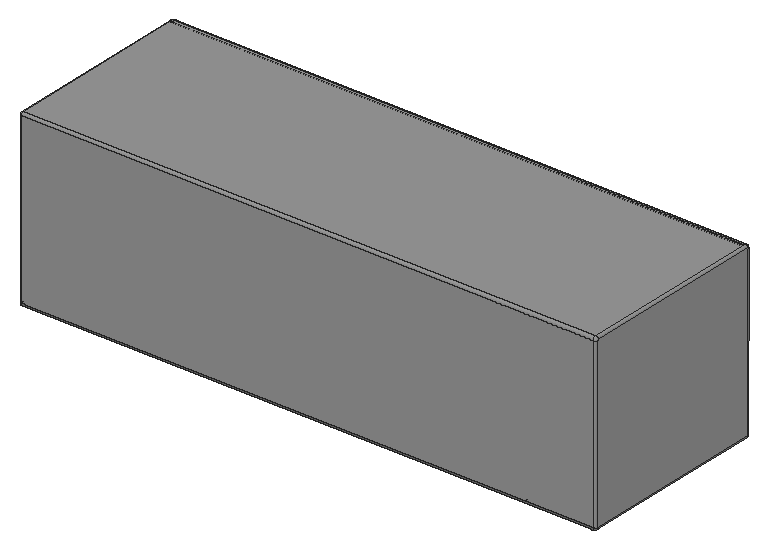
Revit family "TS1030 Elevate Wind 3 Seat Bench", category Generic Models, Revit 2018
Family settings
  Can host rebar = No
  Round Connector Dimension = Use Diameter
  Part Type = Normal
  Work Plane-Based = No
  Always vertical = Yes
  Cut with Voids When Loaded = No
  Shared = No
  Room Calculation Point = No
Parameters
  Seat Fabric = TS1030 3 Seat Bench Fabric
Reference planes (in)
  plane 1 "Center (Front/Back)": y = 0
  plane 2: z = 0
  plane 3 "Center (Left/Right)": x = 0
Forms (in)
  Sweep 1, solid, material "TS1030 3 Seat Bench Fabric" <- "Seat Fabric"
    path origin (0, -5, 0) x (0, 1, 0) y (0, 0, 1)
      loop
        line (14.73021, 17.75) -> (-4.73021, 17.75)
        arc (-4.73021, 17.75) -> (-4.7442, 17.7442) -> (-4.75, 17.73021) r 0.01979
        line (-4.75, 17.73021) -> (-4.75, 0.26979)
        arc (-4.75, 0.26979) -> (-4.7442, 0.2558) -> (-4.73021, 0.25) r 0.01979
        line (-4.73021, 0.25) -> (14.73021, 0.25)
        arc (14.73021, 0.25) -> (14.7442, 0.2558) -> (14.75, 0.26979) r 0.01979
        line (14.75, 0.26979) -> (14.75, 17.73021)
        arc (14.75, 17.73021) -> (14.7442, 17.7442) -> (14.73021, 17.75) r 0.01979
    profile origin (0, 0, 17.75) x (0, 0, -1) y (1, 0, 0)
      loop
        line (0, -30) -> (0, 30)
        arc (0, 30) -> (-0.17678, 29.92678) -> (-0.25, 29.75) r 0.25
        line (-0.25, 29.75) -> (-0.25, -29.75)
        arc (-0.25, -29.75) -> (-0.17678, -29.92678) -> (0, -30) r 0.25
  Extrusion 2, solid, material "TS1030 3 Seat Bench Fabric" <- "Seat Fabric"
    sketch origin (0, -5, 0) x (0, 1, 0) y (0, 0, 1)
      loop
        arc (14.73021, 0.25) -> (14.7442, 0.2558) -> (14.75, 0.26979) r 0.01979
        line (14.75, 0.26979) -> (14.75, 17.73021)
        arc (14.75, 17.73021) -> (14.7442, 17.7442) -> (14.73021, 17.75) r 0.01979
        line (14.73021, 17.75) -> (-4.73021, 17.75)
        arc (-4.73021, 17.75) -> (-4.7442, 17.7442) -> (-4.75, 17.73021) r 0.01979
        line (-4.75, 17.73021) -> (-4.75, 0.26979)
        arc (-4.75, 0.26979) -> (-4.7442, 0.2558) -> (-4.73021, 0.25) r 0.01979
        line (-4.73021, 0.25) -> (14.73021, 0.25)
    from -30 to 30
Dimensions and locks (in)
  aligned and locked: plane 2 to level
